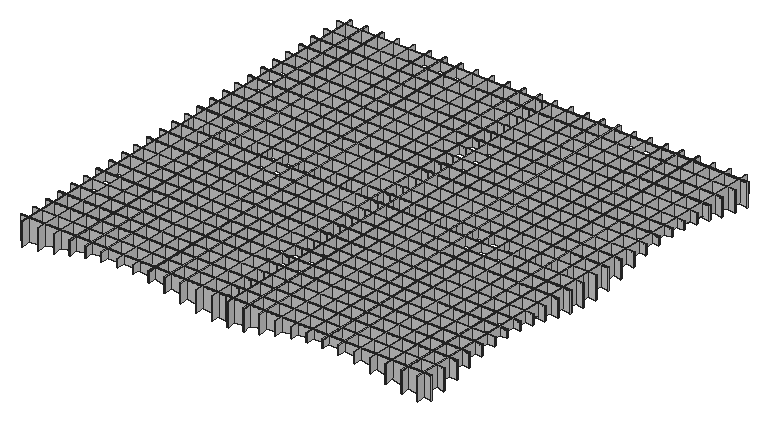
Revit family "CLD-WFL-002_RFA", category Modelos genéricos, Revit 2022 (continued)
Forms (in)
  Extrusion 128, solid
    sketch origin (78.69078, 108, 0) x (0, -1, 0) y (0, 0, 1)
      loop
        spline (20.52778, 5.17793) -> (21.26115, 5.12722) -> (21.99402, 5.0737) -> (22.72645, 5.01759) -> (23.45851, 4.95908) -> (24.19025, 4.89838) -> (24.92176, 4.8357) -> (25.65308, 4.77124) -> (26.38429, 4.70521) -> (27.11544, 4.63782) -> (27.84661, 4.56926) -> (28.57785, 4.49975) -> (29.30922, 4.42949)
        spline (29.30922, 4.42949) -> (29.95995, 4.366) -> (30.61094, 4.30234) -> (31.26223, 4.2387) -> (31.91387, 4.17525) -> (32.56591, 4.11218) -> (33.21841, 4.04966) -> (33.87141, 3.98789) -> (34.52497, 3.92703) -> (35.17914, 3.86728) -> (35.83396, 3.80881) -> (36.48949, 3.75181) -> (37.14578, 3.69645)
        spline (37.14578, 3.69645) -> (37.87194, 3.63892) -> (38.59907, 3.58371) -> (39.32723, 3.53102) -> (40.05647, 3.48105) -> (40.78684, 3.43397) -> (41.51831, 3.38979) -> (42.25083, 3.34845) -> (42.98434, 3.30989) -> (43.7188, 3.27405) -> (44.45413, 3.24086) -> (45.19029, 3.21027) -> (45.92722, 3.18221)
        spline (45.92722, 3.18221) -> (46.57816, 3.16116) -> (47.22964, 3.14217) -> (47.88162, 3.12519) -> (48.53404, 3.11017) -> (49.18687, 3.09705) -> (49.84004, 3.08579) -> (50.49352, 3.07632) -> (51.14725, 3.06859) -> (51.80119, 3.06255) -> (52.45529, 3.05816) -> (53.1095, 3.05535) -> (53.76378, 3.05407)
        spline (53.76378, 3.05407) -> (54.49695, 3.0556) -> (55.23004, 3.05885) -> (55.96301, 3.06387) -> (56.6958, 3.07073) -> (57.42836, 3.07948) -> (58.16062, 3.09019) -> (58.89255, 3.10292) -> (59.62409, 3.11771) -> (60.35517, 3.13464) -> (61.08576, 3.15376) -> (61.81579, 3.17514) -> (62.54522, 3.19882)
        spline (62.54522, 3.19882) -> (63.20286, 3.22386) -> (63.85981, 3.25117) -> (64.51602, 3.28078) -> (65.17144, 3.31277) -> (65.82603, 3.34719) -> (66.47973, 3.38408) -> (67.1325, 3.42351) -> (67.78428, 3.46553) -> (68.43505, 3.51013) -> (69.08486, 3.55715) -> (69.73376, 3.60642) -> (70.38178, 3.65777)
        spline (70.38178, 3.65777) -> (71.1172, 3.71948) -> (71.85176, 3.78304) -> (72.58554, 3.84824) -> (73.31858, 3.91488) -> (74.05094, 3.98275) -> (74.78268, 4.05166) -> (75.51385, 4.12139) -> (76.24452, 4.19176) -> (76.97473, 4.26254) -> (77.70455, 4.33354) -> (78.43403, 4.40456) -> (79.16322, 4.47539)
        spline (79.16322, 4.47539) -> (79.80403, 4.53723) -> (80.44473, 4.59841) -> (81.08536, 4.65876) -> (81.72599, 4.7181) -> (82.36666, 4.77623) -> (83.00743, 4.83299) -> (83.64836, 4.88819) -> (84.28951, 4.94166) -> (84.93093, 4.9932) -> (85.57267, 5.04265) -> (86.21481, 5.08982) -> (86.85738, 5.13453)
        spline (86.85738, 5.13453) -> (87.59614, 5.18092) -> (88.33559, 5.22395) -> (89.07577, 5.26344) -> (89.81676, 5.29917) -> (90.55862, 5.33094) -> (91.30141, 5.35856) -> (92.04519, 5.38181) -> (92.79004, 5.4005) -> (93.53601, 5.41442) -> (94.28316, 5.42338) -> (95.03157, 5.42716) -> (95.78122, 5.4257)
        spline (95.78122, 5.4257) -> (96.43065, 5.41648) -> (97.08095, 5.40294) -> (97.73207, 5.38513) -> (98.38393, 5.36311) -> (99.03648, 5.33693) -> (99.68963, 5.30665) -> (100.34334, 5.27231) -> (100.99753, 5.23398) -> (101.65213, 5.19169) -> (102.30709, 5.14552) -> (102.96233, 5.09551) -> (103.61778, 5.04172)
        spline (103.61778, 5.04172) -> (103.98301, 5.00943) -> (104.34827, 4.97613) -> (104.71354, 4.94182) -> (105.07881, 4.90651) -> (105.44407, 4.8702) -> (105.80932, 4.83291) -> (106.17455, 4.79465) -> (106.53974, 4.75541) -> (106.90489, 4.71521) -> (107.26999, 4.67406) -> (107.63503, 4.63196) -> (108, 4.58891)
        line (108, 4.58891) -> (108, 11.82144)
    from -0.47244 to 0
  Extrusion 129, solid
    sketch origin (79.16322, 108, 0) x (0, -1, 0) y (0, 0, 1)
      loop
        line (108, 11.82144) -> (0, 11.82144) -> (0, 4.58891)
        spline (0, 4.58891) -> (0.32561, 4.62796) -> (0.65129, 4.66617) -> (0.97702, 4.70353) -> (1.3028, 4.74004) -> (1.62862, 4.77569) -> (1.95447, 4.81048) -> (2.28035, 4.84439) -> (2.60624, 4.87743) -> (2.93213, 4.90957) -> (3.25803, 4.94083) -> (3.58391, 4.97119) -> (3.90978, 5.00064)
        spline (3.90978, 5.00064) -> (4.64427, 5.06081) -> (5.37851, 5.11675) -> (6.11244, 5.16838) -> (6.84597, 5.21566) -> (7.57904, 5.25851) -> (8.31157, 5.29688) -> (9.04348, 5.33072) -> (9.7747, 5.35995) -> (10.50516, 5.38452) -> (11.23478, 5.40437) -> (11.96349, 5.41944) -> (12.69122, 5.42966)
        spline (12.69122, 5.42966) -> (13.34952, 5.43128) -> (14.00673, 5.42829) -> (14.66285, 5.42076) -> (15.31792, 5.40886) -> (15.97202, 5.39278) -> (16.62518, 5.37269) -> (17.27747, 5.34877) -> (17.92894, 5.32119) -> (18.57965, 5.29014) -> (19.22966, 5.2558) -> (19.87902, 5.21833) -> (20.52778, 5.17793)
        spline (20.52778, 5.17793) -> (21.26115, 5.12722) -> (21.99402, 5.0737) -> (22.72645, 5.01759) -> (23.45851, 4.95908) -> (24.19025, 4.89838) -> (24.92176, 4.8357) -> (25.65308, 4.77124) -> (26.38429, 4.70521) -> (27.11544, 4.63782) -> (27.84661, 4.56926) -> (28.57785, 4.49975) -> (29.30922, 4.42949)
        spline (29.30922, 4.42949) -> (29.95995, 4.366) -> (30.61094, 4.30234) -> (31.26223, 4.2387) -> (31.91387, 4.17525) -> (32.56591, 4.11218) -> (33.21841, 4.04966) -> (33.87141, 3.98789) -> (34.52497, 3.92703) -> (35.17914, 3.86728) -> (35.83396, 3.80881) -> (36.48949, 3.75181) -> (37.14578, 3.69645)
        spline (37.14578, 3.69645) -> (37.87194, 3.63892) -> (38.59907, 3.58371) -> (39.32723, 3.53102) -> (40.05647, 3.48105) -> (40.78684, 3.43397) -> (41.51831, 3.38979) -> (42.25083, 3.34845) -> (42.98434, 3.30989) -> (43.7188, 3.27405) -> (44.45413, 3.24086) -> (45.19029, 3.21027) -> (45.92722, 3.18221)
        spline (45.92722, 3.18221) -> (46.57816, 3.16116) -> (47.22964, 3.14217) -> (47.88162, 3.12519) -> (48.53404, 3.11017) -> (49.18687, 3.09705) -> (49.84004, 3.08579) -> (50.49352, 3.07632) -> (51.14725, 3.06859) -> (51.80119, 3.06255) -> (52.45529, 3.05816) -> (53.1095, 3.05535) -> (53.76378, 3.05407)
        spline (53.76378, 3.05407) -> (54.49695, 3.0556) -> (55.23004, 3.05885) -> (55.96301, 3.06387) -> (56.6958, 3.07073) -> (57.42836, 3.07948) -> (58.16062, 3.09019) -> (58.89255, 3.10292) -> (59.62409, 3.11771) -> (60.35517, 3.13464) -> (61.08576, 3.15376) -> (61.81579, 3.17514) -> (62.54522, 3.19882)
        spline (62.54522, 3.19882) -> (63.20286, 3.22386) -> (63.85981, 3.25117) -> (64.51602, 3.28078) -> (65.17144, 3.31277) -> (65.82603, 3.34719) -> (66.47973, 3.38408) -> (67.1325, 3.42351) -> (67.78428, 3.46553) -> (68.43505, 3.51013) -> (69.08486, 3.55715) -> (69.73376, 3.60642) -> (70.38178, 3.65777)
        spline (70.38178, 3.65777) -> (71.1172, 3.71948) -> (71.85176, 3.78304) -> (72.58554, 3.84824) -> (73.31858, 3.91488) -> (74.05094, 3.98275) -> (74.78268, 4.05166) -> (75.51385, 4.12139) -> (76.24452, 4.19176) -> (76.97473, 4.26254) -> (77.70455, 4.33354) -> (78.43403, 4.40456) -> (79.16322, 4.47539)
        spline (79.16322, 4.47539) -> (79.80403, 4.53723) -> (80.44473, 4.59841) -> (81.08536, 4.65876) -> (81.72599, 4.7181) -> (82.36666, 4.77623) -> (83.00743, 4.83299) -> (83.64836, 4.88819) -> (84.28951, 4.94166) -> (84.93093, 4.9932) -> (85.57267, 5.04265) -> (86.21481, 5.08982) -> (86.85738, 5.13453)
        spline (86.85738, 5.13453) -> (87.59614, 5.18092) -> (88.33559, 5.22395) -> (89.07577, 5.26344) -> (89.81676, 5.29917) -> (90.55862, 5.33094) -> (91.30141, 5.35856) -> (92.04519, 5.38181) -> (92.79004, 5.4005) -> (93.53601, 5.41442) -> (94.28316, 5.42338) -> (95.03157, 5.42716) -> (95.78122, 5.4257)
        spline (95.78122, 5.4257) -> (96.43065, 5.41648) -> (97.08095, 5.40294) -> (97.73207, 5.38513) -> (98.38393, 5.36311) -> (99.03648, 5.33693) -> (99.68963, 5.30665) -> (100.34334, 5.27231) -> (100.99753, 5.23398) -> (101.65213, 5.19169) -> (102.30709, 5.14552) -> (102.96233, 5.09551) -> (103.61778, 5.04172)
        spline (103.61778, 5.04172) -> (103.98301, 5.00943) -> (104.34827, 4.97613) -> (104.71354, 4.94182) -> (105.07881, 4.90651) -> (105.44407, 4.8702) -> (105.80932, 4.83291) -> (106.17455, 4.79465) -> (106.53974, 4.75541) -> (106.90489, 4.71521) -> (107.26999, 4.67406) -> (107.63503, 4.63196) -> (108, 4.58891)
        line (108, 4.58891) -> (108, 11.82144)
    from -0.11811 to 0
  Extrusion 130, solid
    sketch origin (86.88167, 108, 0) x (0, -1, 0) y (0, 0, 1)
      loop
        line (108, 11.82144) -> (0, 11.82144) -> (0, 2.55729)
        spline (0, 2.55729) -> (0.32561, 2.61504) -> (0.65129, 2.67215) -> (0.97702, 2.72862) -> (1.3028, 2.78445) -> (1.62862, 2.83963) -> (1.95447, 2.89415) -> (2.28035, 2.94802) -> (2.60624, 3.00123) -> (2.93213, 3.05379) -> (3.25803, 3.10567) -> (3.58391, 3.15689) -> (3.90978, 3.20744)
        spline (3.90978, 3.20744) -> (4.64427, 3.31686) -> (5.37851, 3.42317) -> (6.11243, 3.52634) -> (6.84596, 3.62635) -> (7.57903, 3.72316) -> (8.31156, 3.81675) -> (9.04347, 3.90709) -> (9.77469, 3.99415) -> (10.50515, 4.07789) -> (11.23478, 4.1583) -> (11.96349, 4.23534) -> (12.69122, 4.30898)
        spline (12.69122, 4.30898) -> (13.34952, 4.37039) -> (14.00673, 4.4286) -> (14.66285, 4.48364) -> (15.31792, 4.53559) -> (15.97202, 4.58455) -> (16.62518, 4.63059) -> (17.27747, 4.67381) -> (17.92894, 4.71429) -> (18.57965, 4.75212) -> (19.22966, 4.78738) -> (19.87902, 4.82016) -> (20.52778, 4.85054)
        spline (20.52778, 4.85054) -> (21.26115, 4.88062) -> (21.99402, 4.90823) -> (22.72646, 4.93347) -> (23.45851, 4.95644) -> (24.19026, 4.97724) -> (24.92176, 4.99598) -> (25.65309, 5.01275) -> (26.38429, 5.02764) -> (27.11545, 5.04077) -> (27.84661, 5.05223) -> (28.57785, 5.06211) -> (29.30922, 5.07053)
        spline (29.30922, 5.07053) -> (29.95995, 5.07584) -> (30.61094, 5.08009) -> (31.26223, 5.08336) -> (31.91387, 5.08574) -> (32.56591, 5.08733) -> (33.21841, 5.0882) -> (33.87141, 5.08846) -> (34.52497, 5.08817) -> (35.17914, 5.08744) -> (35.83396, 5.08636) -> (36.48949, 5.085) -> (37.14578, 5.08346)
        spline (37.14578, 5.08346) -> (37.87194, 5.08165) -> (38.59907, 5.0799) -> (39.32723, 5.0783) -> (40.05647, 5.07696) -> (40.78684, 5.07594) -> (41.51831, 5.07527) -> (42.25083, 5.07491) -> (42.98434, 5.07483) -> (43.7188, 5.075) -> (44.45413, 5.07538) -> (45.19029, 5.07596) -> (45.92722, 5.0767)
        spline (45.92722, 5.0767) -> (46.57816, 5.07753) -> (47.22964, 5.07843) -> (47.88162, 5.07937) -> (48.53404, 5.08033) -> (49.18687, 5.08128) -> (49.84004, 5.0822) -> (50.49352, 5.08306) -> (51.14725, 5.08383) -> (51.80119, 5.0845) -> (52.45529, 5.08503) -> (53.1095, 5.0854) -> (53.76378, 5.08558)
        spline (53.76378, 5.08558) -> (54.49695, 5.08542) -> (55.23004, 5.08505) -> (55.96301, 5.0845) -> (56.6958, 5.0838) -> (57.42835, 5.08298) -> (58.16062, 5.08206) -> (58.89255, 5.08107) -> (59.62408, 5.08005) -> (60.35517, 5.07902) -> (61.08576, 5.07801) -> (61.81579, 5.07705) -> (62.54522, 5.07616)
        spline (62.54522, 5.07616) -> (63.20286, 5.07551) -> (63.85981, 5.075) -> (64.51602, 5.07466) -> (65.17144, 5.07452) -> (65.82603, 5.0746) -> (66.47973, 5.07493) -> (67.1325, 5.07554) -> (67.78428, 5.07645) -> (68.43505, 5.07766) -> (69.08486, 5.07909) -> (69.73376, 5.08066) -> (70.38178, 5.08229)
        spline (70.38178, 5.08229) -> (71.1172, 5.08386) -> (71.85177, 5.08523) -> (72.58555, 5.08629) -> (73.31859, 5.08695) -> (74.05095, 5.08712) -> (74.78269, 5.08668) -> (75.51386, 5.08555) -> (76.24453, 5.08362) -> (76.97474, 5.08079) -> (77.70455, 5.07697) -> (78.43403, 5.07206) -> (79.16322, 5.06596)
        spline (79.16322, 5.06596) -> (79.81589, 5.05858) -> (80.46845, 5.04989) -> (81.12094, 5.0398) -> (81.77342, 5.02821) -> (82.42595, 5.01505) -> (83.07858, 5.00022) -> (83.73137, 4.98363) -> (84.38439, 4.9652) -> (85.03768, 4.94483) -> (85.6913, 4.92244) -> (86.34531, 4.89793) -> (86.99978, 4.87123)
        spline (86.99978, 4.87123) -> (87.72677, 4.83707) -> (88.45442, 4.80022) -> (89.18281, 4.7606) -> (89.91198, 4.7181) -> (90.642, 4.67263) -> (91.37294, 4.62408) -> (92.10486, 4.57237) -> (92.83781, 4.5174) -> (93.57187, 4.45907) -> (94.3071, 4.39728) -> (95.04355, 4.33194) -> (95.78122, 4.26301)
        spline (95.78122, 4.26301) -> (96.43065, 4.19725) -> (97.08095, 4.12847) -> (97.73207, 4.05667) -> (98.38393, 3.9819) -> (99.03648, 3.90417) -> (99.68963, 3.82352) -> (100.34334, 3.73996) -> (100.99753, 3.65352) -> (101.65213, 3.56424) -> (102.30709, 3.47213) -> (102.96233, 3.37722) -> (103.61778, 3.27954)
        spline (103.61778, 3.27954) -> (103.98302, 3.22342) -> (104.34828, 3.16655) -> (104.71355, 3.10893) -> (105.07882, 3.05057) -> (105.44409, 2.99146) -> (105.80934, 2.93162) -> (106.17456, 2.87105) -> (106.53976, 2.80974) -> (106.9049, 2.74771) -> (107.27, 2.68496) -> (107.63504, 2.62148) -> (108, 2.55729)
        line (108, 2.55729) -> (108, 11.82144)
    from -0.11811 to 0
  Extrusion 131, solid
    sketch origin (86.99978, 108, 0) x (0, -1, 0) y (0, 0, 1)
      loop
        line (108, 11.82144) -> (0, 11.82144) -> (0, 2.55729)
        spline (0, 2.55729) -> (0.32561, 2.61504) -> (0.65129, 2.67215) -> (0.97702, 2.72862) -> (1.3028, 2.78445) -> (1.62862, 2.83963) -> (1.95447, 2.89415) -> (2.28035, 2.94802) -> (2.60624, 3.00123) -> (2.93213, 3.05379) -> (3.25803, 3.10567) -> (3.58391, 3.15689) -> (3.90978, 3.20744)
        spline (3.90978, 3.20744) -> (4.64427, 3.31686) -> (5.37851, 3.42317) -> (6.11243, 3.52634) -> (6.84596, 3.62635) -> (7.57903, 3.72316) -> (8.31156, 3.81675) -> (9.04347, 3.90709) -> (9.77469, 3.99415) -> (10.50515, 4.07789) -> (11.23478, 4.1583) -> (11.96349, 4.23534) -> (12.69122, 4.30898)
        spline (12.69122, 4.30898) -> (13.34952, 4.37039) -> (14.00673, 4.4286) -> (14.66285, 4.48364) -> (15.31792, 4.53559) -> (15.97202, 4.58455) -> (16.62518, 4.63059) -> (17.27747, 4.67381) -> (17.92894, 4.71429) -> (18.57965, 4.75212) -> (19.22966, 4.78738) -> (19.87902, 4.82016) -> (20.52778, 4.85054)
        spline (20.52778, 4.85054) -> (21.26115, 4.88062) -> (21.99402, 4.90823) -> (22.72646, 4.93347) -> (23.45851, 4.95644) -> (24.19026, 4.97724) -> (24.92176, 4.99598) -> (25.65309, 5.01275) -> (26.38429, 5.02764) -> (27.11545, 5.04077) -> (27.84661, 5.05223) -> (28.57785, 5.06211) -> (29.30922, 5.07053)
        spline (29.30922, 5.07053) -> (29.95995, 5.07584) -> (30.61094, 5.08009) -> (31.26223, 5.08336) -> (31.91387, 5.08574) -> (32.56591, 5.08733) -> (33.21841, 5.0882) -> (33.87141, 5.08846) -> (34.52497, 5.08817) -> (35.17914, 5.08744) -> (35.83396, 5.08636) -> (36.48949, 5.085) -> (37.14578, 5.08346)
        spline (37.14578, 5.08346) -> (37.87194, 5.08165) -> (38.59907, 5.0799) -> (39.32723, 5.0783) -> (40.05647, 5.07696) -> (40.78684, 5.07594) -> (41.51831, 5.07527) -> (42.25083, 5.07491) -> (42.98434, 5.07483) -> (43.7188, 5.075) -> (44.45413, 5.07538) -> (45.19029, 5.07596) -> (45.92722, 5.0767)
        spline (45.92722, 5.0767) -> (46.57816, 5.07753) -> (47.22964, 5.07843) -> (47.88162, 5.07937) -> (48.53404, 5.08033) -> (49.18687, 5.08128) -> (49.84004, 5.0822) -> (50.49352, 5.08306) -> (51.14725, 5.08383) -> (51.80119, 5.0845) -> (52.45529, 5.08503) -> (53.1095, 5.0854) -> (53.76378, 5.08558)
        spline (53.76378, 5.08558) -> (54.49695, 5.08542) -> (55.23004, 5.08505) -> (55.96301, 5.0845) -> (56.6958, 5.0838) -> (57.42835, 5.08298) -> (58.16062, 5.08206) -> (58.89255, 5.08107) -> (59.62408, 5.08005) -> (60.35517, 5.07902) -> (61.08576, 5.07801) -> (61.81579, 5.07705) -> (62.54522, 5.07616)
        spline (62.54522, 5.07616) -> (63.20286, 5.07551) -> (63.85981, 5.075) -> (64.51602, 5.07466) -> (65.17144, 5.07452) -> (65.82603, 5.0746) -> (66.47973, 5.07493) -> (67.1325, 5.07554) -> (67.78428, 5.07645) -> (68.43505, 5.07766) -> (69.08486, 5.07909) -> (69.73376, 5.08066) -> (70.38178, 5.08229)
        spline (70.38178, 5.08229) -> (71.1172, 5.08386) -> (71.85177, 5.08523) -> (72.58555, 5.08629) -> (73.31859, 5.08695) -> (74.05095, 5.08712) -> (74.78269, 5.08668) -> (75.51386, 5.08555) -> (76.24453, 5.08362) -> (76.97474, 5.08079) -> (77.70455, 5.07697) -> (78.43403, 5.07206) -> (79.16322, 5.06596)
        spline (79.16322, 5.06596) -> (79.81589, 5.05858) -> (80.46845, 5.04989) -> (81.12094, 5.0398) -> (81.77342, 5.02821) -> (82.42595, 5.01505) -> (83.07858, 5.00022) -> (83.73137, 4.98363) -> (84.38439, 4.9652) -> (85.03768, 4.94483) -> (85.6913, 4.92244) -> (86.34531, 4.89793) -> (86.99978, 4.87123)
        spline (86.99978, 4.87123) -> (87.72677, 4.83707) -> (88.45442, 4.80022) -> (89.18281, 4.7606) -> (89.91198, 4.7181) -> (90.642, 4.67263) -> (91.37294, 4.62408) -> (92.10486, 4.57237) -> (92.83781, 4.5174) -> (93.57187, 4.45907) -> (94.3071, 4.39728) -> (95.04355, 4.33194) -> (95.78122, 4.26301)
        spline (95.78122, 4.26301) -> (96.43065, 4.19725) -> (97.08095, 4.12847) -> (97.73207, 4.05667) -> (98.38393, 3.9819) -> (99.03648, 3.90417) -> (99.68963, 3.82352) -> (100.34334, 3.73996) -> (100.99753, 3.65352) -> (101.65213, 3.56424) -> (102.30709, 3.47213) -> (102.96233, 3.37722) -> (103.61778, 3.27954)
        spline (103.61778, 3.27954) -> (103.98302, 3.22342) -> (104.34828, 3.16655) -> (104.71355, 3.10893) -> (105.07882, 3.05057) -> (105.44409, 2.99146) -> (105.80934, 2.93162) -> (106.17456, 2.87105) -> (106.53976, 2.80974) -> (106.9049, 2.74771) -> (107.27, 2.68496) -> (107.63504, 2.62148) -> (108, 2.55729)
        line (108, 2.55729) -> (108, 11.82144)
    from -0.47244 to 0
  Extrusion 132, solid
    sketch origin (87.47222, 108, 0) x (0, -1, 0) y (0, 0, 1)
      loop
        line (108, 11.82144) -> (0, 11.82144) -> (0, 2.55729)
        spline (0, 2.55729) -> (0.32561, 2.61504) -> (0.65129, 2.67215) -> (0.97702, 2.72862) -> (1.3028, 2.78445) -> (1.62862, 2.83963) -> (1.95447, 2.89415) -> (2.28035, 2.94802) -> (2.60624, 3.00123) -> (2.93213, 3.05379) -> (3.25803, 3.10567) -> (3.58391, 3.15689) -> (3.90978, 3.20744)
        spline (3.90978, 3.20744) -> (4.64427, 3.31686) -> (5.37851, 3.42317) -> (6.11243, 3.52634) -> (6.84596, 3.62635) -> (7.57903, 3.72316) -> (8.31156, 3.81675) -> (9.04347, 3.90709) -> (9.77469, 3.99415) -> (10.50515, 4.07789) -> (11.23478, 4.1583) -> (11.96349, 4.23534) -> (12.69122, 4.30898)
        spline (12.69122, 4.30898) -> (13.34952, 4.37039) -> (14.00673, 4.4286) -> (14.66285, 4.48364) -> (15.31792, 4.53559) -> (15.97202, 4.58455) -> (16.62518, 4.63059) -> (17.27747, 4.67381) -> (17.92894, 4.71429) -> (18.57965, 4.75212) -> (19.22966, 4.78738) -> (19.87902, 4.82016) -> (20.52778, 4.85054)
        spline (20.52778, 4.85054) -> (21.26115, 4.88062) -> (21.99402, 4.90823) -> (22.72646, 4.93347) -> (23.45851, 4.95644) -> (24.19026, 4.97724) -> (24.92176, 4.99598) -> (25.65309, 5.01275) -> (26.38429, 5.02764) -> (27.11545, 5.04077) -> (27.84661, 5.05223) -> (28.57785, 5.06211) -> (29.30922, 5.07053)
        spline (29.30922, 5.07053) -> (29.95995, 5.07584) -> (30.61094, 5.08009) -> (31.26223, 5.08336) -> (31.91387, 5.08574) -> (32.56591, 5.08733) -> (33.21841, 5.0882) -> (33.87141, 5.08846) -> (34.52497, 5.08817) -> (35.17914, 5.08744) -> (35.83396, 5.08636) -> (36.48949, 5.085) -> (37.14578, 5.08346)
        spline (37.14578, 5.08346) -> (37.87194, 5.08165) -> (38.59907, 5.0799) -> (39.32723, 5.0783) -> (40.05647, 5.07696) -> (40.78684, 5.07594) -> (41.51831, 5.07527) -> (42.25083, 5.07491) -> (42.98434, 5.07483) -> (43.7188, 5.075) -> (44.45413, 5.07538) -> (45.19029, 5.07596) -> (45.92722, 5.0767)
        spline (45.92722, 5.0767) -> (46.57816, 5.07753) -> (47.22964, 5.07843) -> (47.88162, 5.07937) -> (48.53404, 5.08033) -> (49.18687, 5.08128) -> (49.84004, 5.0822) -> (50.49352, 5.08306) -> (51.14725, 5.08383) -> (51.80119, 5.0845) -> (52.45529, 5.08503) -> (53.1095, 5.0854) -> (53.76378, 5.08558)
        spline (53.76378, 5.08558) -> (54.49695, 5.08542) -> (55.23004, 5.08505) -> (55.96301, 5.0845) -> (56.6958, 5.0838) -> (57.42835, 5.08298) -> (58.16062, 5.08206) -> (58.89255, 5.08107) -> (59.62408, 5.08005) -> (60.35517, 5.07902) -> (61.08576, 5.07801) -> (61.81579, 5.07705) -> (62.54522, 5.07616)
        spline (62.54522, 5.07616) -> (63.20286, 5.07551) -> (63.85981, 5.075) -> (64.51602, 5.07466) -> (65.17144, 5.07452) -> (65.82603, 5.0746) -> (66.47973, 5.07493) -> (67.1325, 5.07554) -> (67.78428, 5.07645) -> (68.43505, 5.07766) -> (69.08486, 5.07909) -> (69.73376, 5.08066) -> (70.38178, 5.08229)
        spline (70.38178, 5.08229) -> (71.1172, 5.08386) -> (71.85177, 5.08523) -> (72.58555, 5.08629) -> (73.31859, 5.08695) -> (74.05095, 5.08712) -> (74.78269, 5.08668) -> (75.51386, 5.08555) -> (76.24453, 5.08362) -> (76.97474, 5.08079) -> (77.70455, 5.07697) -> (78.43403, 5.07206) -> (79.16322, 5.06596)
        spline (79.16322, 5.06596) -> (79.81589, 5.05858) -> (80.46845, 5.04989) -> (81.12094, 5.0398) -> (81.77342, 5.02821) -> (82.42595, 5.01505) -> (83.07858, 5.00022) -> (83.73137, 4.98363) -> (84.38439, 4.9652) -> (85.03768, 4.94483) -> (85.6913, 4.92244) -> (86.34531, 4.89793) -> (86.99978, 4.87123)
        spline (86.99978, 4.87123) -> (87.72677, 4.83707) -> (88.45442, 4.80022) -> (89.18281, 4.7606) -> (89.91198, 4.7181) -> (90.642, 4.67263) -> (91.37294, 4.62408) -> (92.10486, 4.57237) -> (92.83781, 4.5174) -> (93.57187, 4.45907) -> (94.3071, 4.39728) -> (95.04355, 4.33194) -> (95.78122, 4.26301)
        spline (95.78122, 4.26301) -> (96.43065, 4.19725) -> (97.08095, 4.12847) -> (97.73207, 4.05667) -> (98.38393, 3.9819) -> (99.03648, 3.90417) -> (99.68963, 3.82352) -> (100.34334, 3.73996) -> (100.99753, 3.65352) -> (101.65213, 3.56424) -> (102.30709, 3.47213) -> (102.96233, 3.37722) -> (103.61778, 3.27954)
        spline (103.61778, 3.27954) -> (103.98302, 3.22342) -> (104.34828, 3.16655) -> (104.71355, 3.10893) -> (105.07882, 3.05057) -> (105.44409, 2.99146) -> (105.80934, 2.93162) -> (106.17456, 2.87105) -> (106.53976, 2.80974) -> (106.9049, 2.74771) -> (107.27, 2.68496) -> (107.63504, 2.62148) -> (108, 2.55729)
        line (108, 2.55729) -> (108, 11.82144)
    from -0.11811 to 0
  Extrusion 133, solid
    sketch origin (95.19067, 108, 0) x (0, -1, 0) y (0, 0, 1)
      loop
        line (108, 11.82144) -> (0, 11.82144) -> (0, 0.88375)
        spline (0, 0.88375) -> (0.32561, 0.94348) -> (0.65129, 1.00296) -> (0.97702, 1.06219) -> (1.3028, 1.12116) -> (1.62862, 1.1799) -> (1.95447, 1.23838) -> (2.28035, 1.29662) -> (2.60624, 1.35462) -> (2.93213, 1.41237) -> (3.25803, 1.46988) -> (3.58391, 1.52715) -> (3.90978, 1.58418)
        spline (3.90978, 1.58418) -> (4.64426, 1.71122) -> (5.37851, 1.8372) -> (6.11243, 1.96212) -> (6.84596, 2.086) -> (7.57903, 2.20885) -> (8.31155, 2.33067) -> (9.04347, 2.45149) -> (9.77469, 2.57131) -> (10.50515, 2.69014) -> (11.23478, 2.80798) -> (11.96349, 2.92486) -> (12.69122, 3.04079)
        spline (12.69122, 3.04079) -> (13.34952, 3.14441) -> (14.00673, 3.24717) -> (14.66285, 3.34906) -> (15.31792, 3.45005) -> (15.97202, 3.55011) -> (16.62518, 3.64921) -> (17.27747, 3.74732) -> (17.92894, 3.8444) -> (18.57965, 3.94043) -> (19.22966, 4.03537) -> (19.87902, 4.12919) -> (20.52778, 4.22187)
        spline (20.52778, 4.22187) -> (21.26116, 4.32437) -> (21.99403, 4.42546) -> (22.72646, 4.52511) -> (23.45852, 4.62328) -> (24.19027, 4.71993) -> (24.92177, 4.81503) -> (25.6531, 4.90854) -> (26.3843, 5.00042) -> (27.11545, 5.09065) -> (27.84662, 5.17918) -> (28.57786, 5.26598) -> (29.30922, 5.35101)
        spline (29.30922, 5.35101) -> (29.95995, 5.42391) -> (30.61094, 5.49516) -> (31.26223, 5.56472) -> (31.91387, 5.63257) -> (32.56591, 5.69867) -> (33.21841, 5.763) -> (33.87141, 5.82551) -> (34.52497, 5.88618) -> (35.17914, 5.94498) -> (35.83396, 6.00187) -> (36.48949, 6.05683) -> (37.14578, 6.10982)
        spline (37.14578, 6.10982) -> (37.87194, 6.16453) -> (38.59907, 6.21702) -> (39.32723, 6.26723) -> (40.05647, 6.31514) -> (40.78684, 6.36072) -> (41.51831, 6.40397) -> (42.25083, 6.44489) -> (42.98434, 6.4835) -> (43.71879, 6.51981) -> (44.45413, 6.55383) -> (45.19029, 6.58557) -> (45.92722, 6.61503)
        spline (45.92722, 6.61503) -> (46.57816, 6.6376) -> (47.22964, 6.65822) -> (47.88162, 6.67689) -> (48.53404, 6.69363) -> (49.18687, 6.70845) -> (49.84004, 6.72134) -> (50.49352, 6.73234) -> (51.14725, 6.74143) -> (51.80119, 6.74863) -> (52.45529, 6.75396) -> (53.1095, 6.75742) -> (53.76378, 6.75901)
        spline (53.76378, 6.75901) -> (54.49695, 6.7572) -> (55.23004, 6.75331) -> (55.96301, 6.74732) -> (56.6958, 6.73922) -> (57.42835, 6.72901) -> (58.16062, 6.71667) -> (58.89255, 6.7022) -> (59.62408, 6.68557) -> (60.35517, 6.66679) -> (61.08576, 6.64585) -> (61.81579, 6.62272) -> (62.54522, 6.59741)
        spline (62.54522, 6.59741) -> (63.20286, 6.57112) -> (63.85981, 6.54281) -> (64.51602, 6.51247) -> (65.17144, 6.48008) -> (65.82603, 6.44563) -> (66.47973, 6.40912) -> (67.1325, 6.37054) -> (67.78428, 6.32988) -> (68.43505, 6.28713) -> (69.08486, 6.24233) -> (69.73376, 6.19551) -> (70.38178, 6.14669)
        spline (70.38178, 6.14669) -> (71.1172, 6.08737) -> (71.85177, 6.02584) -> (72.58554, 5.96214) -> (73.31858, 5.89631) -> (74.05094, 5.82838) -> (74.78268, 5.75838) -> (75.51386, 5.68636) -> (76.24452, 5.61234) -> (76.97473, 5.53637) -> (77.70455, 5.45847) -> (78.43403, 5.37869) -> (79.16322, 5.29705)
        spline (79.16322, 5.29705) -> (79.81589, 5.22111) -> (80.46845, 5.14359) -> (81.12094, 5.06452) -> (81.77342, 4.98394) -> (82.42595, 4.90188) -> (83.07858, 4.81837) -> (83.73137, 4.73344) -> (84.38439, 4.64713) -> (85.03768, 4.55947) -> (85.6913, 4.47048) -> (86.34531, 4.3802) -> (86.99978, 4.28866)
        spline (86.99978, 4.28866) -> (87.72677, 4.18488) -> (88.45442, 4.07981) -> (89.1828, 3.97349) -> (89.91197, 3.86595) -> (90.64199, 3.75723) -> (91.37293, 3.64737) -> (92.10485, 3.53639) -> (92.8378, 3.42433) -> (93.57186, 3.31123) -> (94.30709, 3.19712) -> (95.04354, 3.08203) -> (95.78122, 2.96599)
        spline (95.78122, 2.96599) -> (96.4698, 2.85601) -> (97.15931, 2.74512) -> (97.84968, 2.63332) -> (98.54085, 2.52058) -> (99.23273, 2.40692) -> (99.92527, 2.2923) -> (100.61838, 2.17673) -> (101.31201, 2.06019) -> (102.00608, 1.94268) -> (102.70052, 1.82418) -> (103.39525, 1.70469) -> (104.09022, 1.58418)
        spline (104.09022, 1.58418) -> (104.41609, 1.52715) -> (104.74197, 1.46988) -> (105.06787, 1.41237) -> (105.39376, 1.35462) -> (105.71965, 1.29662) -> (106.04553, 1.23838) -> (106.37138, 1.1799) -> (106.6972, 1.12116) -> (107.02298, 1.06219) -> (107.34871, 1.00296) -> (107.67439, 0.94348) -> (108, 0.88375)
        line (108, 0.88375) -> (108, 11.82144)
    from -0.11811 to 0
  Extrusion 134, solid
    sketch origin (95.66311, 108, 0) x (0, -1, 0) y (0, 0, 1)
      loop
        line (108, 11.82144) -> (0, 11.82144) -> (0, 0.88375)
        spline (0, 0.88375) -> (0.32561, 0.94348) -> (0.65129, 1.00296) -> (0.97702, 1.06219) -> (1.3028, 1.12116) -> (1.62862, 1.1799) -> (1.95447, 1.23838) -> (2.28035, 1.29662) -> (2.60624, 1.35462) -> (2.93213, 1.41237) -> (3.25803, 1.46988) -> (3.58391, 1.52715) -> (3.90978, 1.58418)
        spline (3.90978, 1.58418) -> (4.64426, 1.71122) -> (5.37851, 1.8372) -> (6.11243, 1.96212) -> (6.84596, 2.086) -> (7.57903, 2.20885) -> (8.31155, 2.33067) -> (9.04347, 2.45149) -> (9.77469, 2.57131) -> (10.50515, 2.69014) -> (11.23478, 2.80798) -> (11.96349, 2.92486) -> (12.69122, 3.04079)
        spline (12.69122, 3.04079) -> (13.34952, 3.14441) -> (14.00673, 3.24717) -> (14.66285, 3.34906) -> (15.31792, 3.45005) -> (15.97202, 3.55011) -> (16.62518, 3.64921) -> (17.27747, 3.74732) -> (17.92894, 3.8444) -> (18.57965, 3.94043) -> (19.22966, 4.03537) -> (19.87902, 4.12919) -> (20.52778, 4.22187)
        spline (20.52778, 4.22187) -> (21.26116, 4.32437) -> (21.99403, 4.42546) -> (22.72646, 4.52511) -> (23.45852, 4.62328) -> (24.19027, 4.71993) -> (24.92177, 4.81503) -> (25.6531, 4.90854) -> (26.3843, 5.00042) -> (27.11545, 5.09065) -> (27.84662, 5.17918) -> (28.57786, 5.26598) -> (29.30922, 5.35101)
        spline (29.30922, 5.35101) -> (29.95995, 5.42391) -> (30.61094, 5.49516) -> (31.26223, 5.56472) -> (31.91387, 5.63257) -> (32.56591, 5.69867) -> (33.21841, 5.763) -> (33.87141, 5.82551) -> (34.52497, 5.88618) -> (35.17914, 5.94498) -> (35.83396, 6.00187) -> (36.48949, 6.05683) -> (37.14578, 6.10982)
        spline (37.14578, 6.10982) -> (37.87194, 6.16453) -> (38.59907, 6.21702) -> (39.32723, 6.26723) -> (40.05647, 6.31514) -> (40.78684, 6.36072) -> (41.51831, 6.40397) -> (42.25083, 6.44489) -> (42.98434, 6.4835) -> (43.71879, 6.51981) -> (44.45413, 6.55383) -> (45.19029, 6.58557) -> (45.92722, 6.61503)
        spline (45.92722, 6.61503) -> (46.57816, 6.6376) -> (47.22964, 6.65822) -> (47.88162, 6.67689) -> (48.53404, 6.69363) -> (49.18687, 6.70845) -> (49.84004, 6.72134) -> (50.49352, 6.73234) -> (51.14725, 6.74143) -> (51.80119, 6.74863) -> (52.45529, 6.75396) -> (53.1095, 6.75742) -> (53.76378, 6.75901)
        spline (53.76378, 6.75901) -> (54.49695, 6.7572) -> (55.23004, 6.75331) -> (55.96301, 6.74732) -> (56.6958, 6.73922) -> (57.42835, 6.72901) -> (58.16062, 6.71667) -> (58.89255, 6.7022) -> (59.62408, 6.68557) -> (60.35517, 6.66679) -> (61.08576, 6.64585) -> (61.81579, 6.62272) -> (62.54522, 6.59741)
        spline (62.54522, 6.59741) -> (63.20286, 6.57112) -> (63.85981, 6.54281) -> (64.51602, 6.51247) -> (65.17144, 6.48008) -> (65.82603, 6.44563) -> (66.47973, 6.40912) -> (67.1325, 6.37054) -> (67.78428, 6.32988) -> (68.43505, 6.28713) -> (69.08486, 6.24233) -> (69.73376, 6.19551) -> (70.38178, 6.14669)
        spline (70.38178, 6.14669) -> (71.1172, 6.08737) -> (71.85177, 6.02584) -> (72.58554, 5.96214) -> (73.31858, 5.89631) -> (74.05094, 5.82838) -> (74.78268, 5.75838) -> (75.51386, 5.68636) -> (76.24452, 5.61234) -> (76.97473, 5.53637) -> (77.70455, 5.45847) -> (78.43403, 5.37869) -> (79.16322, 5.29705)
        spline (79.16322, 5.29705) -> (79.81589, 5.22111) -> (80.46845, 5.14359) -> (81.12094, 5.06452) -> (81.77342, 4.98394) -> (82.42595, 4.90188) -> (83.07858, 4.81837) -> (83.73137, 4.73344) -> (84.38439, 4.64713) -> (85.03768, 4.55947) -> (85.6913, 4.47048) -> (86.34531, 4.3802) -> (86.99978, 4.28866)
        spline (86.99978, 4.28866) -> (87.72677, 4.18488) -> (88.45442, 4.07981) -> (89.1828, 3.97349) -> (89.91197, 3.86595) -> (90.64199, 3.75723) -> (91.37293, 3.64737) -> (92.10485, 3.53639) -> (92.8378, 3.42433) -> (93.57186, 3.31123) -> (94.30709, 3.19712) -> (95.04354, 3.08203) -> (95.78122, 2.96599)
        spline (95.78122, 2.96599) -> (96.4698, 2.85601) -> (97.15931, 2.74512) -> (97.84968, 2.63332) -> (98.54085, 2.52058) -> (99.23273, 2.40692) -> (99.92527, 2.2923) -> (100.61838, 2.17673) -> (101.31201, 2.06019) -> (102.00608, 1.94268) -> (102.70052, 1.82418) -> (103.39525, 1.70469) -> (104.09022, 1.58418)
        spline (104.09022, 1.58418) -> (104.41609, 1.52715) -> (104.74197, 1.46988) -> (105.06787, 1.41237) -> (105.39376, 1.35462) -> (105.71965, 1.29662) -> (106.04553, 1.23838) -> (106.37138, 1.1799) -> (106.6972, 1.12116) -> (107.02298, 1.06219) -> (107.34871, 1.00296) -> (107.67439, 0.94348) -> (108, 0.88375)
        line (108, 0.88375) -> (108, 11.82144)
    from -0.11811 to 0.35433
  Extrusion 135, solid
    sketch origin (95.78122, 108, 0) x (0, -1, 0) y (0, 0, 1)
      loop
        line (108, 11.82144) -> (0, 11.82144) -> (0, 0.88375)
        spline (0, 0.88375) -> (0.32561, 0.94348) -> (0.65129, 1.00296) -> (0.97702, 1.06219) -> (1.3028, 1.12116) -> (1.62862, 1.1799) -> (1.95447, 1.23838) -> (2.28035, 1.29662) -> (2.60624, 1.35462) -> (2.93213, 1.41237) -> (3.25803, 1.46988) -> (3.58391, 1.52715) -> (3.90978, 1.58418)
        spline (3.90978, 1.58418) -> (4.64426, 1.71122) -> (5.37851, 1.8372) -> (6.11243, 1.96212) -> (6.84596, 2.086) -> (7.57903, 2.20885) -> (8.31155, 2.33067) -> (9.04347, 2.45149) -> (9.77469, 2.57131) -> (10.50515, 2.69014) -> (11.23478, 2.80798) -> (11.96349, 2.92486) -> (12.69122, 3.04079)
        spline (12.69122, 3.04079) -> (13.34952, 3.14441) -> (14.00673, 3.24717) -> (14.66285, 3.34906) -> (15.31792, 3.45005) -> (15.97202, 3.55011) -> (16.62518, 3.64921) -> (17.27747, 3.74732) -> (17.92894, 3.8444) -> (18.57965, 3.94043) -> (19.22966, 4.03537) -> (19.87902, 4.12919) -> (20.52778, 4.22187)
        spline (20.52778, 4.22187) -> (21.26116, 4.32437) -> (21.99403, 4.42546) -> (22.72646, 4.52511) -> (23.45852, 4.62328) -> (24.19027, 4.71993) -> (24.92177, 4.81503) -> (25.6531, 4.90854) -> (26.3843, 5.00042) -> (27.11545, 5.09065) -> (27.84662, 5.17918) -> (28.57786, 5.26598) -> (29.30922, 5.35101)
        spline (29.30922, 5.35101) -> (29.95995, 5.42391) -> (30.61094, 5.49516) -> (31.26223, 5.56472) -> (31.91387, 5.63257) -> (32.56591, 5.69867) -> (33.21841, 5.763) -> (33.87141, 5.82551) -> (34.52497, 5.88618) -> (35.17914, 5.94498) -> (35.83396, 6.00187) -> (36.48949, 6.05683) -> (37.14578, 6.10982)
        spline (37.14578, 6.10982) -> (37.87194, 6.16453) -> (38.59907, 6.21702) -> (39.32723, 6.26723) -> (40.05647, 6.31514) -> (40.78684, 6.36072) -> (41.51831, 6.40397) -> (42.25083, 6.44489) -> (42.98434, 6.4835) -> (43.71879, 6.51981) -> (44.45413, 6.55383) -> (45.19029, 6.58557) -> (45.92722, 6.61503)
        spline (45.92722, 6.61503) -> (46.57816, 6.6376) -> (47.22964, 6.65822) -> (47.88162, 6.67689) -> (48.53404, 6.69363) -> (49.18687, 6.70845) -> (49.84004, 6.72134) -> (50.49352, 6.73234) -> (51.14725, 6.74143) -> (51.80119, 6.74863) -> (52.45529, 6.75396) -> (53.1095, 6.75742) -> (53.76378, 6.75901)
        spline (53.76378, 6.75901) -> (54.49695, 6.7572) -> (55.23004, 6.75331) -> (55.96301, 6.74732) -> (56.6958, 6.73922) -> (57.42835, 6.72901) -> (58.16062, 6.71667) -> (58.89255, 6.7022) -> (59.62408, 6.68557) -> (60.35517, 6.66679) -> (61.08576, 6.64585) -> (61.81579, 6.62272) -> (62.54522, 6.59741)
        spline (62.54522, 6.59741) -> (63.20286, 6.57112) -> (63.85981, 6.54281) -> (64.51602, 6.51247) -> (65.17144, 6.48008) -> (65.82603, 6.44563) -> (66.47973, 6.40912) -> (67.1325, 6.37054) -> (67.78428, 6.32988) -> (68.43505, 6.28713) -> (69.08486, 6.24233) -> (69.73376, 6.19551) -> (70.38178, 6.14669)
        spline (70.38178, 6.14669) -> (71.1172, 6.08737) -> (71.85177, 6.02584) -> (72.58554, 5.96214) -> (73.31858, 5.89631) -> (74.05094, 5.82838) -> (74.78268, 5.75838) -> (75.51386, 5.68636) -> (76.24452, 5.61234) -> (76.97473, 5.53637) -> (77.70455, 5.45847) -> (78.43403, 5.37869) -> (79.16322, 5.29705)
        spline (79.16322, 5.29705) -> (79.81589, 5.22111) -> (80.46845, 5.14359) -> (81.12094, 5.06452) -> (81.77342, 4.98394) -> (82.42595, 4.90188) -> (83.07858, 4.81837) -> (83.73137, 4.73344) -> (84.38439, 4.64713) -> (85.03768, 4.55947) -> (85.6913, 4.47048) -> (86.34531, 4.3802) -> (86.99978, 4.28866)
        spline (86.99978, 4.28866) -> (87.72677, 4.18488) -> (88.45442, 4.07981) -> (89.1828, 3.97349) -> (89.91197, 3.86595) -> (90.64199, 3.75723) -> (91.37293, 3.64737) -> (92.10485, 3.53639) -> (92.8378, 3.42433) -> (93.57186, 3.31123) -> (94.30709, 3.19712) -> (95.04354, 3.08203) -> (95.78122, 2.96599)
        spline (95.78122, 2.96599) -> (96.4698, 2.85601) -> (97.15931, 2.74512) -> (97.84968, 2.63332) -> (98.54085, 2.52058) -> (99.23273, 2.40692) -> (99.92527, 2.2923) -> (100.61838, 2.17673) -> (101.31201, 2.06019) -> (102.00608, 1.94268) -> (102.70052, 1.82418) -> (103.39525, 1.70469) -> (104.09022, 1.58418)
        spline (104.09022, 1.58418) -> (104.41609, 1.52715) -> (104.74197, 1.46988) -> (105.06787, 1.41237) -> (105.39376, 1.35462) -> (105.71965, 1.29662) -> (106.04553, 1.23838) -> (106.37138, 1.1799) -> (106.6972, 1.12116) -> (107.02298, 1.06219) -> (107.34871, 1.00296) -> (107.67439, 0.94348) -> (108, 0.88375)
        line (108, 0.88375) -> (108, 11.82144)
    from -0.11811 to 0
  Extrusion 136, solid
    sketch origin (103.49967, 108, 0) x (0, -1, 0) y (0, 0, 1)
      loop
        line (108, 11.82144) -> (0, 11.82144) -> (0, 0)
        spline (0, 0) -> (0.32561, 0.03535) -> (0.65129, 0.07108) -> (0.97702, 0.10719) -> (1.3028, 0.14369) -> (1.62862, 0.18058) -> (1.95447, 0.21788) -> (2.28035, 0.25557) -> (2.60624, 0.29369) -> (2.93213, 0.33222) -> (3.25803, 0.37118) -> (3.58391, 0.41056) -> (3.90978, 0.45039)
        spline (3.90978, 0.45039) -> (4.64427, 0.54331) -> (5.37851, 0.63835) -> (6.11243, 0.73557) -> (6.84597, 0.83501) -> (7.57904, 0.93675) -> (8.31156, 1.04084) -> (9.04347, 1.14734) -> (9.7747, 1.25631) -> (10.50516, 1.36779) -> (11.23478, 1.48186) -> (11.96349, 1.59857) -> (12.69122, 1.71798)
        spline (12.69122, 1.71798) -> (13.38922, 1.83797) -> (14.08606, 1.96074) -> (14.78174, 2.08623) -> (15.47631, 2.21426) -> (16.16984, 2.34463) -> (16.86238, 2.47718) -> (17.55399, 2.61172) -> (18.24473, 2.74807) -> (18.93467, 2.88604) -> (19.62386, 3.02546) -> (20.31235, 3.16614) -> (21.00022, 3.30789)
        spline (21.00022, 3.30789) -> (21.65469, 3.44372) -> (22.3087, 3.5801) -> (22.96232, 3.71687) -> (23.61561, 3.85384) -> (24.26863, 3.99083) -> (24.92142, 4.12768) -> (25.57405, 4.2642) -> (26.22658, 4.40021) -> (26.87906, 4.53554) -> (27.53155, 4.67001) -> (28.18411, 4.80344) -> (28.83678, 4.93566)
        spline (28.83678, 4.93566) -> (29.71888, 5.11051) -> (30.60133, 5.28308) -> (31.48418, 5.45313) -> (32.36752, 5.62042) -> (33.25139, 5.78471) -> (34.13589, 5.94577) -> (35.02106, 6.10336) -> (35.90699, 6.25724) -> (36.79374, 6.40717) -> (37.68137, 6.55291) -> (38.56997, 6.69423) -> (39.45958, 6.83089)
        spline (39.45958, 6.83089) -> (39.81456, 6.88206) -> (40.17002, 6.93114) -> (40.52597, 6.97806) -> (40.88246, 7.0227) -> (41.2395, 7.065) -> (41.59707, 7.10495) -> (41.95516, 7.14258) -> (42.31373, 7.17791) -> (42.67277, 7.21097) -> (43.03223, 7.2418) -> (43.3921, 7.27043) -> (43.75234, 7.29687)
        spline (43.75234, 7.29687) -> (44.62318, 7.35197) -> (45.49474, 7.40207) -> (46.36696, 7.44722) -> (47.23979, 7.48751) -> (48.11314, 7.52299) -> (48.98697, 7.55374) -> (49.8612, 7.57983) -> (50.73577, 7.60132) -> (51.61063, 7.61828) -> (52.48569, 7.63078) -> (53.36091, 7.63889) -> (54.23622, 7.64268)
        spline (54.23622, 7.64268) -> (54.8905, 7.63994) -> (55.54471, 7.63396) -> (56.19881, 7.62471) -> (56.85275, 7.61212) -> (57.50648, 7.59614) -> (58.15996, 7.57673) -> (58.81313, 7.55383) -> (59.46596, 7.5274) -> (60.11838, 7.49738) -> (60.77036, 7.46371) -> (61.42184, 7.42635) -> (62.07278, 7.38525)
        spline (62.07278, 7.38525) -> (62.80971, 7.33115) -> (63.54587, 7.27259) -> (64.28121, 7.20951) -> (65.01566, 7.14186) -> (65.74917, 7.06957) -> (66.48169, 6.99259) -> (67.21316, 6.91086) -> (67.94353, 6.82432) -> (68.67277, 6.73297) -> (69.40093, 6.637) -> (70.12806, 6.53658) -> (70.85422, 6.4319)
        spline (70.85422, 6.4319) -> (71.51051, 6.33081) -> (72.16604, 6.22628) -> (72.82086, 6.11849) -> (73.47503, 6.00761) -> (74.12859, 5.89382) -> (74.78159, 5.7773) -> (75.43409, 5.65821) -> (76.08613, 5.53673) -> (76.73777, 5.41305) -> (77.38906, 5.28733) -> (78.04005, 5.15975) -> (78.69078, 5.03049)
        spline (78.69078, 5.03049) -> (79.42214, 4.88265) -> (80.15338, 4.73345) -> (80.88454, 4.58309) -> (81.6157, 4.43177) -> (82.3469, 4.27969) -> (83.07823, 4.12703) -> (83.80973, 3.97401) -> (84.54148, 3.82083) -> (85.27354, 3.66767) -> (86.00597, 3.51473) -> (86.73884, 3.36223) -> (87.47222, 3.21035)
        spline (87.47222, 3.21035) -> (88.12098, 3.07725) -> (88.77034, 2.94516) -> (89.42035, 2.81427) -> (90.07106, 2.68474) -> (90.72253, 2.55674) -> (91.37482, 2.43044) -> (92.02798, 2.30602) -> (92.68208, 2.18365) -> (93.33715, 2.0635) -> (93.99327, 1.94575) -> (94.65048, 1.83055) -> (95.30878, 1.71798)
        spline (95.30878, 1.71798) -> (96.03651, 1.59857) -> (96.76522, 1.48186) -> (97.49484, 1.36779) -> (98.2253, 1.25631) -> (98.95653, 1.14734) -> (99.68844, 1.04084) -> (100.42096, 0.93675) -> (101.15403, 0.83501) -> (101.88757, 0.73557) -> (102.62149, 0.63835) -> (103.35573, 0.54331) -> (104.09022, 0.45039)
        spline (104.09022, 0.45039) -> (104.41609, 0.41056) -> (104.74197, 0.37118) -> (105.06787, 0.33222) -> (105.39376, 0.29369) -> (105.71965, 0.25557) -> (106.04553, 0.21788) -> (106.37138, 0.18058) -> (106.6972, 0.14369) -> (107.02298, 0.10719) -> (107.34871, 0.07108) -> (107.67439, 0.03535) -> (108, 0)
        line (108, 0) -> (108, 11.82144)
    from -0.11811 to 0
  Extrusion 137, solid
    sketch origin (104.09022, 108, 0) x (0, -1, 0) y (0, 0, 1)
      loop
        line (108, 11.82144) -> (0, 11.82144) -> (0, 0)
        spline (0, 0) -> (0.32561, 0.03535) -> (0.65129, 0.07108) -> (0.97702, 0.10719) -> (1.3028, 0.14369) -> (1.62862, 0.18058) -> (1.95447, 0.21788) -> (2.28035, 0.25557) -> (2.60624, 0.29369) -> (2.93213, 0.33222) -> (3.25803, 0.37118) -> (3.58391, 0.41056) -> (3.90978, 0.45039)
        spline (3.90978, 0.45039) -> (4.64427, 0.54331) -> (5.37851, 0.63835) -> (6.11243, 0.73557) -> (6.84597, 0.83501) -> (7.57904, 0.93675) -> (8.31156, 1.04084) -> (9.04347, 1.14734) -> (9.7747, 1.25631) -> (10.50516, 1.36779) -> (11.23478, 1.48186) -> (11.96349, 1.59857) -> (12.69122, 1.71798)
        spline (12.69122, 1.71798) -> (13.38922, 1.83797) -> (14.08606, 1.96074) -> (14.78174, 2.08623) -> (15.47631, 2.21426) -> (16.16984, 2.34463) -> (16.86238, 2.47718) -> (17.55399, 2.61172) -> (18.24473, 2.74807) -> (18.93467, 2.88604) -> (19.62386, 3.02546) -> (20.31235, 3.16614) -> (21.00022, 3.30789)
        spline (21.00022, 3.30789) -> (21.65469, 3.44372) -> (22.3087, 3.5801) -> (22.96232, 3.71687) -> (23.61561, 3.85384) -> (24.26863, 3.99083) -> (24.92142, 4.12768) -> (25.57405, 4.2642) -> (26.22658, 4.40021) -> (26.87906, 4.53554) -> (27.53155, 4.67001) -> (28.18411, 4.80344) -> (28.83678, 4.93566)
        spline (28.83678, 4.93566) -> (29.71888, 5.11051) -> (30.60133, 5.28308) -> (31.48418, 5.45313) -> (32.36752, 5.62042) -> (33.25139, 5.78471) -> (34.13589, 5.94577) -> (35.02106, 6.10336) -> (35.90699, 6.25724) -> (36.79374, 6.40717) -> (37.68137, 6.55291) -> (38.56997, 6.69423) -> (39.45958, 6.83089)
        spline (39.45958, 6.83089) -> (39.81456, 6.88206) -> (40.17002, 6.93114) -> (40.52597, 6.97806) -> (40.88246, 7.0227) -> (41.2395, 7.065) -> (41.59707, 7.10495) -> (41.95516, 7.14258) -> (42.31373, 7.17791) -> (42.67277, 7.21097) -> (43.03223, 7.2418) -> (43.3921, 7.27043) -> (43.75234, 7.29687)
        spline (43.75234, 7.29687) -> (44.62318, 7.35197) -> (45.49474, 7.40207) -> (46.36696, 7.44722) -> (47.23979, 7.48751) -> (48.11314, 7.52299) -> (48.98697, 7.55374) -> (49.8612, 7.57983) -> (50.73577, 7.60132) -> (51.61063, 7.61828) -> (52.48569, 7.63078) -> (53.36091, 7.63889) -> (54.23622, 7.64268)
        spline (54.23622, 7.64268) -> (54.8905, 7.63994) -> (55.54471, 7.63396) -> (56.19881, 7.62471) -> (56.85275, 7.61212) -> (57.50648, 7.59614) -> (58.15996, 7.57673) -> (58.81313, 7.55383) -> (59.46596, 7.5274) -> (60.11838, 7.49738) -> (60.77036, 7.46371) -> (61.42184, 7.42635) -> (62.07278, 7.38525)
        spline (62.07278, 7.38525) -> (62.80971, 7.33115) -> (63.54587, 7.27259) -> (64.28121, 7.20951) -> (65.01566, 7.14186) -> (65.74917, 7.06957) -> (66.48169, 6.99259) -> (67.21316, 6.91086) -> (67.94353, 6.82432) -> (68.67277, 6.73297) -> (69.40093, 6.637) -> (70.12806, 6.53658) -> (70.85422, 6.4319)
        spline (70.85422, 6.4319) -> (71.51051, 6.33081) -> (72.16604, 6.22628) -> (72.82086, 6.11849) -> (73.47503, 6.00761) -> (74.12859, 5.89382) -> (74.78159, 5.7773) -> (75.43409, 5.65821) -> (76.08613, 5.53673) -> (76.73777, 5.41305) -> (77.38906, 5.28733) -> (78.04005, 5.15975) -> (78.69078, 5.03049)
        spline (78.69078, 5.03049) -> (79.42214, 4.88265) -> (80.15338, 4.73345) -> (80.88454, 4.58309) -> (81.6157, 4.43177) -> (82.3469, 4.27969) -> (83.07823, 4.12703) -> (83.80973, 3.97401) -> (84.54148, 3.82083) -> (85.27354, 3.66767) -> (86.00597, 3.51473) -> (86.73884, 3.36223) -> (87.47222, 3.21035)
        spline (87.47222, 3.21035) -> (88.12098, 3.07725) -> (88.77034, 2.94516) -> (89.42035, 2.81427) -> (90.07106, 2.68474) -> (90.72253, 2.55674) -> (91.37482, 2.43044) -> (92.02798, 2.30602) -> (92.68208, 2.18365) -> (93.33715, 2.0635) -> (93.99327, 1.94575) -> (94.65048, 1.83055) -> (95.30878, 1.71798)
        spline (95.30878, 1.71798) -> (96.03651, 1.59857) -> (96.76522, 1.48186) -> (97.49484, 1.36779) -> (98.2253, 1.25631) -> (98.95653, 1.14734) -> (99.68844, 1.04084) -> (100.42096, 0.93675) -> (101.15403, 0.83501) -> (101.88757, 0.73557) -> (102.62149, 0.63835) -> (103.35573, 0.54331) -> (104.09022, 0.45039)
        spline (104.09022, 0.45039) -> (104.41609, 0.41056) -> (104.74197, 0.37118) -> (105.06787, 0.33222) -> (105.39376, 0.29369) -> (105.71965, 0.25557) -> (106.04553, 0.21788) -> (106.37138, 0.18058) -> (106.6972, 0.14369) -> (107.02298, 0.10719) -> (107.34871, 0.07108) -> (107.67439, 0.03535) -> (108, 0)
        line (108, 0) -> (108, 11.82144)
    from -0.11811 to 0
  Extrusion 138, solid
    sketch origin (103.97211, 108, 0) x (0, -1, 0) y (0, 0, 1)
      loop
        line (108, 11.82144) -> (0, 11.82144) -> (0, 0)
        spline (0, 0) -> (0.32561, 0.03535) -> (0.65129, 0.07108) -> (0.97702, 0.10719) -> (1.3028, 0.14369) -> (1.62862, 0.18058) -> (1.95447, 0.21788) -> (2.28035, 0.25557) -> (2.60624, 0.29369) -> (2.93213, 0.33222) -> (3.25803, 0.37118) -> (3.58391, 0.41056) -> (3.90978, 0.45039)
        spline (3.90978, 0.45039) -> (4.64427, 0.54331) -> (5.37851, 0.63835) -> (6.11243, 0.73557) -> (6.84597, 0.83501) -> (7.57904, 0.93675) -> (8.31156, 1.04084) -> (9.04347, 1.14734) -> (9.7747, 1.25631) -> (10.50516, 1.36779) -> (11.23478, 1.48186) -> (11.96349, 1.59857) -> (12.69122, 1.71798)
        spline (12.69122, 1.71798) -> (13.38922, 1.83797) -> (14.08606, 1.96074) -> (14.78174, 2.08623) -> (15.47631, 2.21426) -> (16.16984, 2.34463) -> (16.86238, 2.47718) -> (17.55399, 2.61172) -> (18.24473, 2.74807) -> (18.93467, 2.88604) -> (19.62386, 3.02546) -> (20.31235, 3.16614) -> (21.00022, 3.30789)
        spline (21.00022, 3.30789) -> (21.65469, 3.44372) -> (22.3087, 3.5801) -> (22.96232, 3.71687) -> (23.61561, 3.85384) -> (24.26863, 3.99083) -> (24.92142, 4.12768) -> (25.57405, 4.2642) -> (26.22658, 4.40021) -> (26.87906, 4.53554) -> (27.53155, 4.67001) -> (28.18411, 4.80344) -> (28.83678, 4.93566)
        spline (28.83678, 4.93566) -> (29.71888, 5.11051) -> (30.60133, 5.28308) -> (31.48418, 5.45313) -> (32.36752, 5.62042) -> (33.25139, 5.78471) -> (34.13589, 5.94577) -> (35.02106, 6.10336) -> (35.90699, 6.25724) -> (36.79374, 6.40717) -> (37.68137, 6.55291) -> (38.56997, 6.69423) -> (39.45958, 6.83089)
        spline (39.45958, 6.83089) -> (39.81456, 6.88206) -> (40.17002, 6.93114) -> (40.52597, 6.97806) -> (40.88246, 7.0227) -> (41.2395, 7.065) -> (41.59707, 7.10495) -> (41.95516, 7.14258) -> (42.31373, 7.17791) -> (42.67277, 7.21097) -> (43.03223, 7.2418) -> (43.3921, 7.27043) -> (43.75234, 7.29687)
        spline (43.75234, 7.29687) -> (44.62318, 7.35197) -> (45.49474, 7.40207) -> (46.36696, 7.44722) -> (47.23979, 7.48751) -> (48.11314, 7.52299) -> (48.98697, 7.55374) -> (49.8612, 7.57983) -> (50.73577, 7.60132) -> (51.61063, 7.61828) -> (52.48569, 7.63078) -> (53.36091, 7.63889) -> (54.23622, 7.64268)
        spline (54.23622, 7.64268) -> (54.8905, 7.63994) -> (55.54471, 7.63396) -> (56.19881, 7.62471) -> (56.85275, 7.61212) -> (57.50648, 7.59614) -> (58.15996, 7.57673) -> (58.81313, 7.55383) -> (59.46596, 7.5274) -> (60.11838, 7.49738) -> (60.77036, 7.46371) -> (61.42184, 7.42635) -> (62.07278, 7.38525)
        spline (62.07278, 7.38525) -> (62.80971, 7.33115) -> (63.54587, 7.27259) -> (64.28121, 7.20951) -> (65.01566, 7.14186) -> (65.74917, 7.06957) -> (66.48169, 6.99259) -> (67.21316, 6.91086) -> (67.94353, 6.82432) -> (68.67277, 6.73297) -> (69.40093, 6.637) -> (70.12806, 6.53658) -> (70.85422, 6.4319)
        spline (70.85422, 6.4319) -> (71.51051, 6.33081) -> (72.16604, 6.22628) -> (72.82086, 6.11849) -> (73.47503, 6.00761) -> (74.12859, 5.89382) -> (74.78159, 5.7773) -> (75.43409, 5.65821) -> (76.08613, 5.53673) -> (76.73777, 5.41305) -> (77.38906, 5.28733) -> (78.04005, 5.15975) -> (78.69078, 5.03049)
        spline (78.69078, 5.03049) -> (79.42214, 4.88265) -> (80.15338, 4.73345) -> (80.88454, 4.58309) -> (81.6157, 4.43177) -> (82.3469, 4.27969) -> (83.07823, 4.12703) -> (83.80973, 3.97401) -> (84.54148, 3.82083) -> (85.27354, 3.66767) -> (86.00597, 3.51473) -> (86.73884, 3.36223) -> (87.47222, 3.21035)
        spline (87.47222, 3.21035) -> (88.12098, 3.07725) -> (88.77034, 2.94516) -> (89.42035, 2.81427) -> (90.07106, 2.68474) -> (90.72253, 2.55674) -> (91.37482, 2.43044) -> (92.02798, 2.30602) -> (92.68208, 2.18365) -> (93.33715, 2.0635) -> (93.99327, 1.94575) -> (94.65048, 1.83055) -> (95.30878, 1.71798)
        spline (95.30878, 1.71798) -> (96.03651, 1.59857) -> (96.76522, 1.48186) -> (97.49484, 1.36779) -> (98.2253, 1.25631) -> (98.95653, 1.14734) -> (99.68844, 1.04084) -> (100.42096, 0.93675) -> (101.15403, 0.83501) -> (101.88757, 0.73557) -> (102.62149, 0.63835) -> (103.35573, 0.54331) -> (104.09022, 0.45039)
        spline (104.09022, 0.45039) -> (104.41609, 0.41056) -> (104.74197, 0.37118) -> (105.06787, 0.33222) -> (105.39376, 0.29369) -> (105.71965, 0.25557) -> (106.04553, 0.21788) -> (106.37138, 0.18058) -> (106.6972, 0.14369) -> (107.02298, 0.10719) -> (107.34871, 0.07108) -> (107.67439, 0.03535) -> (108, 0)
        line (108, 0) -> (108, 11.82144)
    from -0.11811 to 0.35433
  Extrusion 139, solid, not visible
    sketch origin (0, 0, 0) x (1, 0, 0) y (0, 0, 1)
      loop
        line (108, 11.82144) -> (0, 11.82144) -> (0, 0)
        spline (0, 0) -> (0.32561, 0.03535) -> (0.65129, 0.07108) -> (0.97702, 0.10719) -> (1.3028, 0.14369) -> (1.62862, 0.18058) -> (1.95447, 0.21788) -> (2.28035, 0.25557) -> (2.60624, 0.29369) -> (2.93213, 0.33222) -> (3.25803, 0.37118) -> (3.58391, 0.41056) -> (3.90978, 0.45039)
        spline (3.90978, 0.45039) -> (4.64427, 0.54331) -> (5.37851, 0.63835) -> (6.11243, 0.73557) -> (6.84597, 0.83501) -> (7.57904, 0.93675) -> (8.31156, 1.04084) -> (9.04347, 1.14734) -> (9.7747, 1.25631) -> (10.50516, 1.36779) -> (11.23478, 1.48186) -> (11.96349, 1.59857) -> (12.69122, 1.71798)
        spline (12.69122, 1.71798) -> (13.38922, 1.83797) -> (14.08606, 1.96074) -> (14.78174, 2.08623) -> (15.47631, 2.21426) -> (16.16984, 2.34463) -> (16.86238, 2.47718) -> (17.55399, 2.61172) -> (18.24473, 2.74807) -> (18.93467, 2.88604) -> (19.62386, 3.02546) -> (20.31235, 3.16614) -> (21.00022, 3.30789)
        spline (21.00022, 3.30789) -> (21.65469, 3.44372) -> (22.3087, 3.5801) -> (22.96232, 3.71687) -> (23.61561, 3.85384) -> (24.26863, 3.99083) -> (24.92142, 4.12768) -> (25.57405, 4.2642) -> (26.22658, 4.40021) -> (26.87906, 4.53554) -> (27.53155, 4.67001) -> (28.18411, 4.80344) -> (28.83678, 4.93566)
        spline (28.83678, 4.93566) -> (29.71888, 5.11051) -> (30.60133, 5.28308) -> (31.48418, 5.45313) -> (32.36752, 5.62042) -> (33.25139, 5.78471) -> (34.13589, 5.94577) -> (35.02106, 6.10336) -> (35.90699, 6.25724) -> (36.79374, 6.40717) -> (37.68137, 6.55291) -> (38.56997, 6.69423) -> (39.45958, 6.83089)
        spline (39.45958, 6.83089) -> (39.81456, 6.88206) -> (40.17002, 6.93114) -> (40.52597, 6.97806) -> (40.88246, 7.0227) -> (41.2395, 7.065) -> (41.59707, 7.10495) -> (41.95516, 7.14258) -> (42.31373, 7.17791) -> (42.67277, 7.21097) -> (43.03223, 7.2418) -> (43.3921, 7.27043) -> (43.75234, 7.29687)
        spline (43.75234, 7.29687) -> (44.62318, 7.35197) -> (45.49474, 7.40207) -> (46.36696, 7.44722) -> (47.23979, 7.48751) -> (48.11314, 7.52299) -> (48.98697, 7.55374) -> (49.8612, 7.57983) -> (50.73577, 7.60132) -> (51.61063, 7.61828) -> (52.48569, 7.63078) -> (53.36091, 7.63889) -> (54.23622, 7.64268)
        spline (54.23622, 7.64268) -> (54.8905, 7.63994) -> (55.54471, 7.63396) -> (56.19881, 7.62471) -> (56.85275, 7.61212) -> (57.50648, 7.59614) -> (58.15996, 7.57673) -> (58.81313, 7.55383) -> (59.46596, 7.5274) -> (60.11838, 7.49738) -> (60.77036, 7.46371) -> (61.42184, 7.42635) -> (62.07278, 7.38525)
        spline (62.07278, 7.38525) -> (62.80971, 7.33115) -> (63.54587, 7.27259) -> (64.28121, 7.20951) -> (65.01566, 7.14186) -> (65.74917, 7.06957) -> (66.48169, 6.99259) -> (67.21316, 6.91086) -> (67.94353, 6.82432) -> (68.67277, 6.73297) -> (69.40093, 6.637) -> (70.12806, 6.53658) -> (70.85422, 6.4319)
        spline (70.85422, 6.4319) -> (71.51051, 6.33081) -> (72.16604, 6.22628) -> (72.82086, 6.11849) -> (73.47503, 6.00761) -> (74.12859, 5.89382) -> (74.78159, 5.7773) -> (75.43409, 5.65821) -> (76.08613, 5.53673) -> (76.73777, 5.41305) -> (77.38906, 5.28733) -> (78.04005, 5.15975) -> (78.69078, 5.03049)
        spline (78.69078, 5.03049) -> (79.42214, 4.88265) -> (80.15338, 4.73345) -> (80.88454, 4.58309) -> (81.6157, 4.43177) -> (82.3469, 4.27969) -> (83.07823, 4.12703) -> (83.80973, 3.97401) -> (84.54148, 3.82083) -> (85.27354, 3.66767) -> (86.00597, 3.51473) -> (86.73884, 3.36223) -> (87.47222, 3.21035)
        spline (87.47222, 3.21035) -> (88.12098, 3.07725) -> (88.77034, 2.94516) -> (89.42035, 2.81427) -> (90.07106, 2.68474) -> (90.72253, 2.55674) -> (91.37482, 2.43044) -> (92.02798, 2.30602) -> (92.68208, 2.18365) -> (93.33715, 2.0635) -> (93.99327, 1.94575) -> (94.65048, 1.83055) -> (95.30878, 1.71798)
